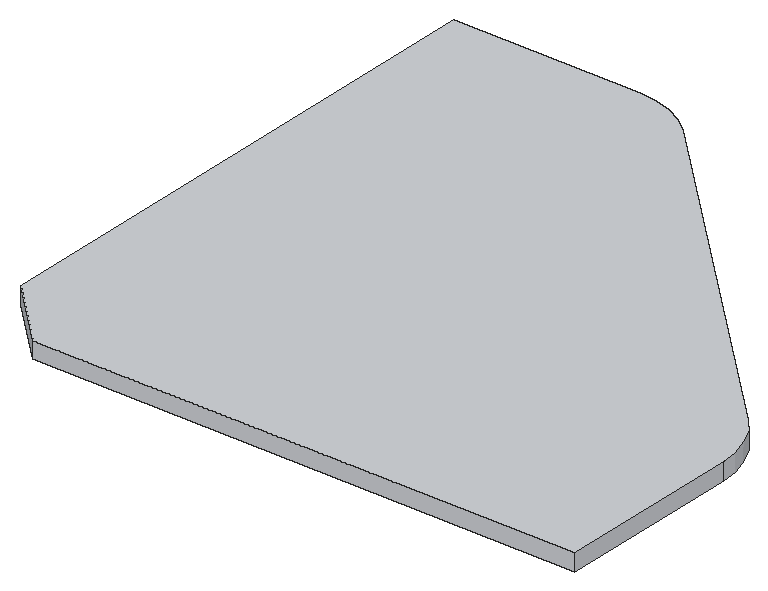
Revit family "Yuno_Corner_v1", category Furniture, Revit 2016
Family settings
  OmniClass Number = 23.40.20.00
  OmniClass Title = General Furniture and Specialties
  Work Plane-Based = No
  Always vertical = Yes
  Cut with Voids When Loaded = No
  Shared = No
  Room Calculation Point = No
Parameters (values of type "Yuno TT5")
  URL = "http://bernhardtdesign.com"
  Type Selection = 1
  Width/Depth = 2' - 2 3/4"
  Tabletop Finish [instance] = none
  SKU = "Yuno TT5"
  Model = "Yuno"
  Manufacturer = "Bernhardt Design"  # constant formula
  Copyright © = "Copyright © Bernhardt Design"  # constant formula
  Catalog [instance] = SKU  # "Yuno TT5"
  Authoring Version = "Autodesk Revit 2016"  # constant formula
Types (3): name | Width/Depth | SKU | Catalog
  (no name) | 2' - 2 3/4" | "Yuno TT5" | "Yuno TT5"
  Yuno TT5 | 2' - 2 3/4" | "Yuno TT5" | "Yuno TT5"
  Yuno TT6 | 2' - 8 3/4" | "Yuno TT6" | "Yuno TT6"
Reference planes (in)
  plane 1 "Center Front/Back": y = 0
  plane 2: z = 0
  plane 3 "Center Left/Right": x = 0
Forms (in)
  Extrusion 1, solid, material <- "Tabletop Finish"
    sketch origin (0, 0, 0) x (1, 0, 0) y (0, 1, 0)
      loop
        line (2.75, 0) -> (26.75, 0) -> (26.75, 8.21815)
        arc (26.75, 8.21815) -> (26.44552, 9.74888) -> (25.57843, 11.04657) r 4
        line (25.57843, 11.04657) -> (11.04657, 25.57843)
        arc (11.04657, 25.57843) -> (9.74888, 26.44552) -> (8.21815, 26.75) r 4
        line (8.21815, 26.75) -> (0, 26.75) -> (0, 2.75) -> (2.75, 0)
    from 28.375 to 29.125
Dimensions and locks (in)
  plane 3 "Center Left/Right" to Extrusion 1 sketch curve = 0' - 11.04657"
  plane 1 "Center Front/Back" to Extrusion 1 sketch curve = 0' - 11.04657"
  plane 3 "Center Left/Right" to Extrusion 1 sketch curve = 0' - 2 3/4"
  "Width/Depth": plane 3 "Center Left/Right" to Extrusion 1 sketch curve
  "Width/Depth": plane 1 "Center Front/Back" to Extrusion 1 sketch curve
  aligned and locked: level to plane 2
Automatic sketch dimensions
  Extrusion 1 sketch curve to plane 3 "Center Left/Right" = 0' - 0"
  plane 1 "Center Front/Back" to Extrusion 1 sketch curve = 0' - 0"
  Extrusion 1 sketch curve to Extrusion 1 sketch curve = 0' - 2.82843"
  Extrusion 1 sketch curve to Extrusion 1 sketch curve = 0' - 4"  (x2)
  Extrusion 1 sketch curve to Extrusion 1 sketch curve = 0' - 1.17157"
  Extrusion 1 sketch curve to plane 1 "Center Front/Back" = 0' - 2 3/4"
